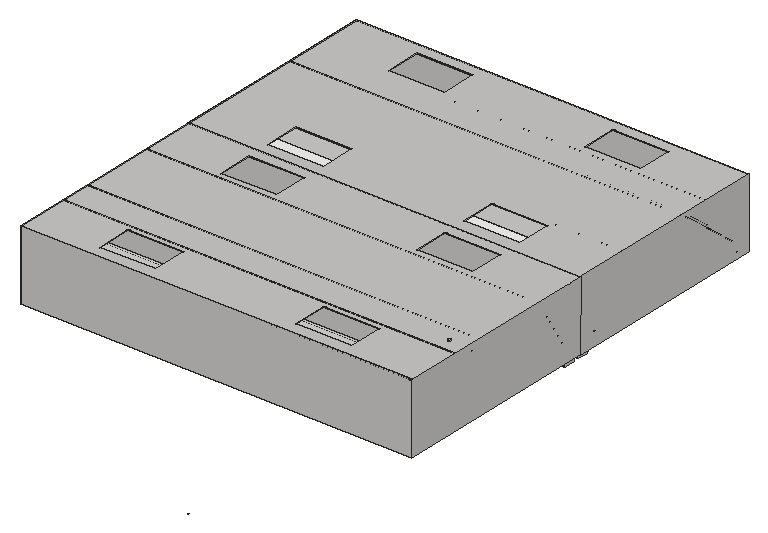
Revit family "QF_ELECTROLUXPROFESSIONAL_641395_STCF3028", category Attrezzature speciali, Revit 2021
Family settings
  Quota connettore circolare = Usa diametro
  Tipo di parte = Normale
  Basato su piano di lavoro = No
  Sempre verticale = Sì
  Taglio con vuoti quando caricato = No
  Condiviso = No
  Punto di calcolo locali = No
Parameters (values of type "Standard")
  Weight = 364.00 kg
  Watts = 480 W
  Volts = 220 V
  URL Manufacturer = "https://www.electroluxprofessional.com/"
  URL = "https://www.electroluxprofessional.com/"
  Steam Supply Size = 0 mm
  Steam Supply Minimum Pressure = 0.0 Pa
  Steam Supply Maximum Pressure = 0.0 Pa
  Steam Consumption per Hour = 0
  Refrigeration Suction Line Size = 0.0 mm
  Refrigeration Liquid Line Size = 0.0 mm
  Refrigerant Compressor Remote = yes
  Prospetto di default = 0.0 mm
  Produttore = "Electrolux Professional"
  Phase = 1
  Modello = "STCF3028"
  Length Actual = 2800.0 mm  # constant formula
  Item Number = "641395"
  Hot Water Size = 0 mm
  Height Actual = 500.0 mm  # constant formula
  HP = "0.6 HP"
  Gas Size = 0 mm
  Gas KW = 0
  Gas Input Pressure = 0 W
  Direct Waste Size = 0 mm
  Descrizione = "304 S/S ISLAND HOOD+FILT.+LAMPS 280X300"
  Depth Actual = 3000.0 mm  # constant formula
  Cycle = 50 Hz
  Condensate Return Size = 0 mm
  Compressed Air Volume = 0.0 L/s
  Compressed Air Size = 0 mm
  Compressed Air Pressure = 0.0 Pa
  Cold Water Size = 0 mm
  Accessory = yes
Reference planes
  plane 1 "Center (Front/Back)": y = 0
  plane 2: z = 0
  plane 3 "Center (Left/Right)": x = 0
  plane 4 "LEFT": x = -1400
  plane 5 "RIGHT": x = 1400
  plane 6 "BACK": y = 1500
  plane 7 "FRONT": y = -1500
  plane 8 "Base": z = 2000
  plane 9 "EIx": x = 1280
  plane 10 "Top": z = 2500
  plane 11 "BaseHood": z = 2000
  plane 12 "EI": y = -1020
Forms (mm)
  Extrusion 1, solid, material "QF_Finishes_Stainless Steel"
    sketch origin (0, -1020, 2500) x (0, 1, 0) y (-1, 0, 0)
      loop
        circle (0, -1280) r 10
    from 0 to 1.6
Dimensions and locks
  plane 4 "LEFT" to plane 5 "RIGHT" = 2800.0 mm
  equal spacing: plane 4 "LEFT", plane 3 "Center (Left/Right)", plane 5 "RIGHT"
  equal spacing: plane 6 "BACK", plane 1 "Center (Front/Back)", plane 7 "FRONT"
  plane 6 "BACK" to plane 7 "FRONT" = 3000.0 mm  (x2)
  plane 9 "EIx" to plane 5 "RIGHT" = 120.0 mm
  plane 11 "BaseHood" to level = 2000.0 mm
  plane 10 "Top" to plane 11 "BaseHood" = 500.0 mm
  plane 12 "EI" to plane 7 "FRONT" = 480.0 mm
  aligned and locked: level to plane 2
Automatic sketch dimensions
  plane 1 "Center (Front/Back)" to Extrusion 1 sketch curve = 1020.0 mm
  Extrusion 1 sketch curve to plane 9 "EIx" = 0.0 mm
  radius of Extrusion 1 sketch curve = 10.0 mm
Nested families
  nested 1: "QF_ELECTROLUXPROFESSIONAL_641261" at (-150, -550, 0), type "QF_ELECTROLUXPROFESSIONAL_641261"
  nested 2: "QF_ELECTROLUXPROFESSIONAL_641261" at (-150, 550, 0), type "QF_ELECTROLUXPROFESSIONAL_641261"
Connectors
  hvac at (-700, -1289, 2505)
    settings: on nested 1, index 1, duct flow 0.0 L/s, flow factor 0, pres drop 0.0 Pa, loss coef 0, conn angle 0.00°, conn width 250 mm, conn height 400 mm, conn diameter 609.6 mm, duct sys type 1, conn prof type 1, flow config 1, flow direction 1, loss method 0, conn ref index -1, conn util no, is conn primary yes, conn desc "AIR INLET"
  hvac at (-700, 1289, 2505)
    settings: on nested 2, index 4, duct flow 0.0 L/s, flow factor 0, pres drop 0.0 Pa, loss coef 0, conn angle 0.00°, conn width 400 mm, conn height 250 mm, conn diameter 609.6 mm, duct sys type 1, conn prof type 1, flow config 1, flow direction 1, loss method 0, conn ref index -1, conn util no, is conn primary no, conn desc "AIR INLET"
  hvac at (700, 1289, 2505)
    settings: on nested 2, index 5, duct flow 0.0 L/s, flow factor 0, pres drop 0.0 Pa, loss coef 0, conn angle 0.00°, conn width 400 mm, conn height 250 mm, conn diameter 609.6 mm, duct sys type 1, conn prof type 1, flow config 1, flow direction 1, loss method 0, conn ref index -1, conn util no, is conn primary no, conn desc "AIR INLET"
  hvac at (700, -1289, 2505)
    settings: on nested 1, index 8, duct flow 0.0 L/s, flow factor 0, pres drop 0.0 Pa, loss coef 0, conn angle 0.00°, conn width 250 mm, conn height 400 mm, conn diameter 609.6 mm, duct sys type 1, conn prof type 1, flow config 1, flow direction 1, loss method 0, conn ref index -1, conn util no, is conn primary no, conn desc "AIR INLET"
  piping at (1280, 60, 1970), diameter 9.5
    settings: on nested 2, index 9, connector inside diameter 609.6 mm, connector length 0.0 mm, flow factor 0, pipe flow 0.0 L/s, pressure drop 0.0 Pa, fitting loss kfactor 0, connector angle 0.00°, fixture units 0, engagement length 0.0 mm, angle of deflection 0.00°, flow configuration 1, flow direction 2, fitting loss method 0, system type 16, joint type 0, gender type 0, connector reference index -1, connector utility 0, adjustable connector no, is connector primary yes, connector description "Drain"
  piping at (1280, -60, 1970), diameter 9.5
    settings: on nested 1, index 10, connector inside diameter 609.6 mm, connector length 0.0 mm, flow factor 0, pipe flow 0.0 L/s, pressure drop 0.0 Pa, fitting loss kfactor 0, connector angle 0.00°, fixture units 0, engagement length 0.0 mm, angle of deflection 0.00°, flow configuration 1, flow direction 2, fitting loss method 0, system type 16, joint type 0, gender type 0, connector reference index -1, connector utility 0, adjustable connector no, is connector primary no, connector description "Drain"
  electrical at (1280, -1020, 2501.6), driven by "Volts"
    settings: on Extrusion 1, index 11, voltage 220 V, apparent load 0 VA, apparent load phase1 0 VA, apparent load phase2 0 VA, apparent load phase3 0 VA, power factor 1, load classification "Other", number of poles 1, system type 30, power factor state 1, is connector primary yes, connector utility no, sub classification motor no, connector description "Electrical Connection"
  hvac at (-700, 211, 2500)
    settings: on nested 2, index 12, duct flow 0.0 L/s, flow factor 0, pres drop 0.0 Pa, loss coef 0, conn angle 0.00°, conn width 250 mm, conn height 400 mm, conn diameter 609.6 mm, duct sys type 3, conn prof type 1, flow config 1, flow direction 2, loss method 0, conn ref index -1, conn util no, is conn primary no, conn desc "EXHAUST OUTLET"
  hvac at (-700, -211, 2500)
    settings: on nested 1, index 13, duct flow 0.0 L/s, flow factor 0, pres drop 0.0 Pa, loss coef 0, conn angle 0.00°, conn width 400 mm, conn height 250 mm, conn diameter 609.6 mm, duct sys type 3, conn prof type 1, flow config 1, flow direction 2, loss method 0, conn ref index -1, conn util no, is conn primary no, conn desc "EXHAUST OUTLET"
  hvac at (700, 211, 2499.19)
    settings: on nested 2, index 14, duct flow 0.0 L/s, flow factor 0, pres drop 0.0 Pa, loss coef 0, conn angle 0.00°, conn width 250 mm, conn height 400 mm, conn diameter 609.6 mm, duct sys type 3, conn prof type 1, flow config 1, flow direction 2, loss method 0, conn ref index -1, conn util no, is conn primary no, conn desc "EXHAUST OUTLET"
  hvac at (700, -211, 2500)
    settings: on nested 1, index 15, duct flow 0.0 L/s, flow factor 0, pres drop 0.0 Pa, loss coef 0, conn angle 0.00°, conn width 400 mm, conn height 250 mm, conn diameter 609.6 mm, duct sys type 3, conn prof type 1, flow config 1, flow direction 2, loss method 0, conn ref index -1, conn util no, is conn primary no, conn desc "EXHAUST OUTLET"
Definition of nested family "QF_ELECTROLUXPROFESSIONAL_641261"
  Parameters
    Default Elevation = 0.0 mm
  Reference planes
    plane 1: z = 0
    plane 2 "Center (Left/Right)": x = 150
    plane 3 "LEFT": x = -1250
    plane 4 "RIGHT": x = 1550
    plane 5 "BACK": y = 550
    plane 6 "TOP": z = 2500
    plane 7 "Base": z = 2000
    plane 8: z = 1955
    plane 9 "DrainY": y = 490
    plane 10: x = -1247
    plane 11 "DrainX": x = 1430
    plane 12 "AOLeft2": x = -350
    plane 13 "AORight1": x = 650
    plane 14: x = 1547
    plane 15: x = -1050
    plane 16: x = 1350
    plane 17 "Center (Front/Back)": y = -200
    plane 18 "Front": y = -950
    plane 19 "AOLeft1": x = -750
    plane 20 "AORight2": x = 1050
    plane 21: y = -864
    plane 22: y = -614
    plane 23 "EI_y": y = -470
    plane 24 "EIx": x = 1430
    plane 25: y = 464
    plane 26: y = 214
  Forms (mm)
    Extrusion 1, solid
      sketch origin (-1250, 0, 360) x (0, 1, 0) y (0, 0, 1)
        loop
          line (550, 1640) -> (550, 2140) -> (-950, 2140) -> (-950, 1640) -> (550, 1640)
      from 0 to 3
    Extrusion 2, solid
      sketch origin (1550, 0, 360) x (0, 1, 0) y (0, 0, 1)
        loop
          line (550, 1640) -> (550, 2140) -> (-950, 2140) -> (-950, 1640) -> (550, 1640)
      from 0 to -3
    Extrusion 3, solid
      sketch origin (150, 0, 360) x (0, 1, 0) y (0, 0, 1)
        loop
          line (-950, 2140) -> (-950, 1640) -> (-940, 1640) -> (-940, 1640.8) -> (-949.2, 1640.8) -> (-949.2, 2139.19) -> (549.2, 2139.19) -> (549.2, 1640.8) -> (540, 1640.8) -> (540, 1640) -> (550, 1640) -> (550, 2140) -> (-950, 2140)
      from -1400 to 1400
    Extrusion 4, solid
      sketch origin (0, 0, 2000) x (0, 1, 0) y (-1, 0, 0)
        loop
          circle (490, -1430) r 4.763
      from -30 to 0
    Extrusion 5, void
      sketch origin (0, 0, 2500) x (0, 1, 0) y (-1, 0, 0)
        loop
          line (-614, 350) -> (-614, 750) -> (-864, 750) -> (-864, 350) -> (-614, 350)
      from 0 to -10
    Extrusion 6, solid
      sketch origin (0, 0, 0) x (1, 0, 0) y (0, 1, 0)
        loop
          line (-1250, 550) -> (-1250, 549) -> (-1249, 549) -> (-1249, 550) -> (-1250, 550)
      from 0 to 1
    Extrusion 7, solid
      sketch origin (150, 0, 360) x (0, 1, 0) y (0, 0, 1)
        loop
          line (-572.823, 1962.324) -> (-418.948, 2086.929) -> (-427.129, 2097.032) -> (-581.003, 1972.426) -> (-572.823, 1962.324)
      from 1397 to -1397
    Sweep 8, solid
      path origin (0, 0, 0) x (1, 0, 0) y (0, 1, 0)
        loop
          line (1550, 550) -> (-1250, 550) -> (-1250, -950) -> (1550, -950) -> (1550, 550)
      profile origin (1550, -200, 0) x (1, 0, 0) y (0, 0, 1)
        loop
          line (-3, 2000) -> (-3, 2000.8) -> (-19, 2000.8) -> (-19, 2010) -> (-20, 2010) -> (-20, 2000) -> (-3, 2000)
    Extrusion 9, solid
      sketch origin (150, 0, 0) x (0, 1, 0) y (0, 0, 1)
        loop
          line (414.66, 2095.469) -> (440.643, 2110.471) -> (261.744, 2411.771) -> (235.948, 2396.455) -> (414.66, 2095.469)
      from -1397 to -1200
    Extrusion 10, void
      sketch origin (1134.605, 0, 2500) x (0, 1, 0) y (-1, 0, 0)
        loop
          line (-614, 84.605) -> (-614, 484.605) -> (-864, 484.605) -> (-864, 84.605) -> (-614, 84.605)
      from 0 to -10
    Extrusion 11, solid
      sketch origin (1430, 0, 0) x (0, 1, 0) y (0, 0, 1)
        loop
          line (539, 2000) -> (441, 2000) -> (441, 1989) -> (448.5, 1989) -> (448.5, 1965)
          arc (448.5, 1965) -> (451.429, 1957.929) -> (458.5, 1955) r 10
          line (458.5, 1955) -> (521.5, 1955)
          arc (521.5, 1955) -> (528.571, 1957.929) -> (531.5, 1965) r 10
          line (531.5, 1965) -> (531.5, 1989) -> (539, 1989) -> (539, 2000)
      from 90 to -90
    Extrusion 12, solid
      sketch origin (150, 0, 0) x (0, 1, 0) y (0, 0, 1)
        loop
          line (414.66, 2095.469) -> (440.643, 2110.471) -> (261.744, 2411.771) -> (235.948, 2396.455) -> (414.66, 2095.469)
      from 1200 to 1397
    Extrusion 13, solid
      sketch origin (150, 0, 0) x (0, 1, 0) y (0, 0, 1)
        loop
          line (414.66, 2095.469) -> (440.643, 2110.471) -> (261.744, 2411.771) -> (235.948, 2396.455) -> (414.66, 2095.469)
      from -1200 to 1200
    Extrusion 14, void
      sketch origin (0, 1180, 2500) x (0, 1, 0) y (-1, 0, 0)
        loop
          line (-716, 350) -> (-716, 750) -> (-966, 750) -> (-966, 350) -> (-716, 350)
      from 0 to -10
    Extrusion 15, void
      sketch origin (1600, 1180, 2500) x (0, 1, 0) y (-1, 0, 0)
        loop
          line (-716, 550) -> (-716, 950) -> (-966, 950) -> (-966, 550) -> (-716, 550)
      from 0 to -10
    Extrusion 16, solid
      sketch origin (150, 0, 360) x (0, 1, 0) y (0, 0, 1)
        loop
          line (430.005, 1640) -> (540, 1640) -> (540, 1640.8) -> (430.467, 1640.8) -> (371.906, 1742.23) -> (414.858, 1734.657) -> (442.266, 1750.481) -> (442.266, 1765.943) -> (441.466, 1765.943) -> (441.466, 1750.943) -> (414.709, 1735.495) -> (321.153, 1751.991) -> (320.875, 1750.416) -> (371.4, 1741.507) -> (430.005, 1640)
        loop
          line (172.529, 2139.19) -> (242.893, 2017.316) -> (245.133, 2018.715) -> (240.13, 2027.381) -> (238.569, 2026.405) -> (173.453, 2139.19) -> (172.529, 2139.19)
      from -1397 to 1397
    Extrusion 17, solid
      sketch origin (150, 200.8, 360) x (0, 1, 0) y (0, 0, 1)
        loop
          line (-1150, 2139.19) -> (-1150, 1640) -> (-1086.602, 1640) -> (-999.146, 1690.493) -> (-1010.058, 1709.394) -> (-1066.564, 1676.77) -> (-1114.704, 1680.982) -> (-1149.2, 1730.248) -> (-1149.2, 2139.19) -> (-1150, 2139.19)
        loop
          line (-773.6, 1961.694) -> (-781.937, 1971.99) -> (-769.095, 1982.182) -> (-769.095, 2139.19) -> (-769.895, 2139.19) -> (-769.895, 1982.569) -> (-1082.298, 1734.63) -> (-1071.091, 1720.79) -> (-773.6, 1961.694)
        loop
          line (-627.61, 2099.216) -> (-618.171, 2087.559) -> (-554.411, 2139.19) -> (-555.682, 2139.19) -> (-618.052, 2088.684) -> (-626.989, 2099.719) -> (-627.61, 2099.216)
      from -1397 to 1397
  Cuts and joins
    Extrusion 5, Extrusion 10, Extrusion 14, Extrusion 15 cuts Extrusion 3
    joined: Extrusion 2, Extrusion 3, Sweep 8
  Lines and regions (mm)
    symbolic lines, detail levels coarse
      curve 1: line (1550, 550, 2500) -> (-1250, 550, 2500)
      curve 2: line (-1250, 550, 2500) -> (-1250, -950, 2500)
      curve 3: line (1550, -950, 2500) -> (1550, 550, 2500)
      curve 4: line (-1250, 550, 0) -> (1550, -950, 0)
      curve 5: line (1550, 550, 0) -> (-1250, -950, 0)
      curve 6: line (-1250, -950, 0) -> (1550, -950, 0)
      curve 7: line (-750, 214, 2500) -> (-350, 214, 2500)
      curve 8: line (-750, 464, 2500) -> (-750, 214, 2500)
      curve 9: line (-350, 464, 2500) -> (-750, 464, 2500)
      curve 10: line (-350, 214, 2500) -> (-350, 464, 2500)
      curve 11: line (650, 464, 2500) -> (650, 214, 2500)
      curve 12: line (1050, 464, 2500) -> (650, 464, 2500)
      curve 13: line (650, 214, 2500) -> (1050, 214, 2500)
      curve 14: line (1050, 214, 2500) -> (1050, 464, 2500)
    symbolic lines
      curve 15: line (-750, -614, 0) -> (-350, -614, 0)
      curve 16: line (-750, -864, 0) -> (-750, -614, 0)
      curve 17: line (-350, -864, 0) -> (-750, -864, 0)
      curve 18: line (-350, -614, 0) -> (-350, -864, 0)
      curve 19: line (650, -614, 0) -> (1050, -614, 0)
      curve 20: line (650, -864, 0) -> (650, -614, 0)
      curve 21: line (1050, -864, 0) -> (650, -864, 0)
      curve 22: line (1050, -614, 0) -> (1050, -864, 0)
  Dimensions and locks
    plane 3 "LEFT" to plane 4 "RIGHT" = 2800.0 mm
    equal spacing: plane 3 "LEFT", plane 2 "Center (Left/Right)", plane 4 "RIGHT"
    plane 7 "Base" to plane 8 = 45.0 mm
    plane 5 "BACK" to plane 9 "DrainY" = 60.0 mm  (x2)
    plane 3 "LEFT" to plane 10 = 3.0 mm
    plane 11 "DrainX" to plane 4 "RIGHT" = 120.0 mm
    plane 14 to plane 4 "RIGHT" = 3.0 mm
    plane 3 "LEFT" to plane 15 = 200.0 mm
    plane 16 to plane 4 "RIGHT" = 200.0 mm
    locked: plane 12 "AOLeft2" to plane 13 "AORight1" at 1000
    equal spacing: plane 12 "AOLeft2", plane 2 "Center (Left/Right)", plane 13 "AORight1"
    locked: plane 7 "Base" to level at 2000
    locked: plane 6 "TOP" to plane 7 "Base" at 500
    locked: plane 19 "AOLeft1" to plane 12 "AOLeft2" at 400
    locked: plane 13 "AORight1" to plane 20 "AORight2" at 400
    locked: plane 22 to plane 21 at 250
    locked: plane 21 to plane 18 "Front" at 86
    locked: plane 23 "EI_y" to plane 18 "Front" at 480
    locked: plane 24 "EIx" to plane 4 "RIGHT" at 120
    locked: plane 5 "BACK" to plane 18 "Front" at 1500
    plane 5 "BACK" to plane 18 "Front" = 1500.0 mm
    equal spacing: plane 5 "BACK", plane 17 "Center (Front/Back)", plane 18 "Front"
    locked: plane 26 to plane 25 at 250
    plane 5 "BACK" to plane 25 = 86.0 mm
    aligned and locked: level to plane 1
    aligned and locked: plane 4 "RIGHT" to Extrusion 3
    aligned and locked: Extrusion 3 to plane 3 "LEFT"
    aligned and locked: Extrusion 2 to plane 14
    aligned and locked: Extrusion 9 to plane 10
    aligned and locked: Extrusion 5 to plane 19 "AOLeft1"
    aligned and locked: Extrusion 5 to plane 12 "AOLeft2"
    aligned and locked: plane 20 "AORight2" to Extrusion 10
    aligned and locked: plane 13 "AORight1" to Extrusion 10
    aligned and locked: plane 15 to Extrusion 9
    aligned and locked: plane 16 to Extrusion 12
    aligned and locked: plane 14 to Extrusion 12
    aligned and locked: Extrusion 13 to plane 15
    aligned and locked: Extrusion 13 to plane 16
    aligned and locked: plane 14 to Extrusion 7
    aligned and locked: Extrusion 7 to plane 10
    aligned and locked: plane 13 "AORight1" to Extrusion 15
    aligned and locked: plane 20 "AORight2" to Extrusion 15
    aligned and locked: Extrusion 14 to plane 19 "AOLeft1"
    aligned and locked: Extrusion 14 to plane 12 "AOLeft2"
    aligned and locked: Extrusion 16 to plane 10
    aligned and locked: plane 14 to Extrusion 16
    aligned and locked: Extrusion 5 to plane 21
    aligned and locked: plane 22 to Extrusion 5
    aligned and locked: Extrusion 10 to plane 21
    aligned and locked: Extrusion 17 to plane 10
    aligned and locked: plane 14 to Extrusion 17
    aligned and locked: plane 26 to cut or joined group of Extrusion 2, Extrusion 3, Extrusion 5, Sweep 8, Extrusion 10, Extrusion 14, Extrusion 15  (x2)
    aligned and locked: plane 26 to curve 7
    aligned and locked: cut or joined group of Extrusion 2, Extrusion 3, Extrusion 5, Sweep 8, Extrusion 10, Extrusion 14, Extrusion 15 to plane 25  (x2)
    aligned and locked: curve 9 to plane 25
    aligned and locked: curve 12 to plane 25
    aligned and locked: plane 26 to curve 13
  Automatic sketch dimensions
    Extrusion 4 sketch curve to plane 9 "DrainY" = 0.0 mm
    Extrusion 4 sketch curve to plane 11 "DrainX" = 0.0 mm
    Extrusion 9 sketch curve to plane 9 "DrainY" = 75.34 mm
    Extrusion 9 sketch curve to Extrusion 9 sketch curve = 25.983 mm
    plane 7 "Base" to Extrusion 9 sketch curve = 95.469 mm
    Extrusion 9 sketch curve to Extrusion 9 sketch curve = 15.001 mm
    Extrusion 9 sketch curve to plane 6 "TOP" = 103.545 mm
    Extrusion 9 sketch curve to Extrusion 9 sketch curve = 15.316 mm
    Extrusion 12 sketch curve to plane 9 "DrainY" = 75.34 mm
    Extrusion 12 sketch curve to Extrusion 12 sketch curve = 25.983 mm
    plane 7 "Base" to Extrusion 12 sketch curve = 95.469 mm
    Extrusion 12 sketch curve to Extrusion 12 sketch curve = 15.001 mm
    Extrusion 12 sketch curve to plane 6 "TOP" = 103.545 mm
    Extrusion 12 sketch curve to Extrusion 12 sketch curve = 15.316 mm
    Extrusion 13 sketch curve to plane 9 "DrainY" = 75.34 mm
    Extrusion 13 sketch curve to Extrusion 13 sketch curve = 25.983 mm
    plane 7 "Base" to Extrusion 13 sketch curve = 95.469 mm
    Extrusion 13 sketch curve to Extrusion 13 sketch curve = 15.001 mm
    Extrusion 13 sketch curve to plane 6 "TOP" = 103.545 mm
    Extrusion 13 sketch curve to Extrusion 13 sketch curve = 15.316 mm
    Extrusion 16 sketch curve to plane 7 "Base" = 0.0 mm
    Extrusion 16 sketch curve to plane 6 "TOP" = 0.81 mm
    Extrusion 16 sketch curve to Extrusion 16 sketch curve = 0.924 mm
    Extrusion 16 sketch curve to Extrusion 16 sketch curve = 2.24 mm
    Extrusion 16 sketch curve to Extrusion 16 sketch curve = 0.278 mm
    Extrusion 16 sketch curve to Extrusion 16 sketch curve = 50.525 mm
    Extrusion 16 sketch curve to Extrusion 16 sketch curve = 0.506 mm
    Extrusion 16 sketch curve to Extrusion 16 sketch curve = 42.803 mm
    Extrusion 16 sketch curve to Extrusion 16 sketch curve = 0.148 mm
    Extrusion 16 sketch curve to plane 9 "DrainY" = 59.995 mm
    plane 7 "Base" to Extrusion 16 sketch curve = 0.8 mm
    Extrusion 16 sketch curve to Extrusion 16 sketch curve = 0.462 mm  (x2)
    Extrusion 16 sketch curve to Extrusion 16 sketch curve = 109.533 mm
    Extrusion 16 sketch curve to Extrusion 16 sketch curve = 26.757 mm
    Extrusion 16 sketch curve to Extrusion 16 sketch curve = 0.8 mm
    plane 7 "Base" to Extrusion 16 sketch curve = 94.657 mm
    Extrusion 16 sketch curve to Extrusion 16 sketch curve = 0.838 mm
    Extrusion 16 sketch curve to Extrusion 16 sketch curve = 6.012 mm
    Extrusion 16 sketch curve to Extrusion 16 sketch curve = 0.723 mm
    Extrusion 16 sketch curve to Extrusion 16 sketch curve = 14.986 mm
    Extrusion 16 sketch curve to Extrusion 16 sketch curve = 15.0 mm
    Extrusion 16 sketch curve to plane 6 "TOP" = 122.684 mm
    Extrusion 16 sketch curve to Extrusion 16 sketch curve = 1.399 mm
    Extrusion 16 sketch curve to Extrusion 16 sketch curve = 9.089 mm
    Extrusion 16 sketch curve to Extrusion 16 sketch curve = 0.975 mm
    Extrusion 9 sketch curve to plane 9 "DrainY" = 228.256 mm
    Extrusion 9 sketch curve to Extrusion 9 sketch curve = 25.795 mm
    Extrusion 12 sketch curve to plane 9 "DrainY" = 228.256 mm
    Extrusion 12 sketch curve to Extrusion 12 sketch curve = 25.795 mm
    Extrusion 13 sketch curve to plane 9 "DrainY" = 228.256 mm
    Extrusion 13 sketch curve to Extrusion 13 sketch curve = 25.795 mm
    Extrusion 16 sketch curve to plane 9 "DrainY" = 75.142 mm
    Extrusion 16 sketch curve to plane 9 "DrainY" = 244.867 mm
    Extrusion 16 sketch curve to Extrusion 16 sketch curve = 5.003 mm
    Extrusion 16 sketch curve to Extrusion 16 sketch curve = 1.561 mm
    Extrusion 16 sketch curve to Extrusion 16 sketch curve = 66.677 mm
    curve 6 to plane 3 "LEFT" = 0.0 mm
    curve 4 to plane 3 "LEFT" = 0.0 mm
    curve 16 to plane 19 "AOLeft1" = 0.0 mm
    curve 18 to plane 12 "AOLeft2" = 0.0 mm
    curve 20 to plane 13 "AORight1" = 0.0 mm
    curve 22 to plane 20 "AORight2" = 0.0 mm
    curve 6 to plane 4 "RIGHT" = 0.0 mm
    curve 5 to plane 4 "RIGHT" = 0.0 mm
    curve 4 to plane 18 "Front" = 0.0 mm
    curve 21 to plane 21 = 0.0 mm
    curve 17 to plane 21 = 0.0 mm
    curve 18 to plane 22 = 0.0 mm
    curve 19 to plane 22 = 0.0 mm
    curve 4 to plane 5 "BACK" = 0.0 mm
    curve 5 to plane 5 "BACK" = 0.0 mm
    curve 2 to plane 3 "LEFT" = 0.0 mm
    curve 2 to plane 18 "Front" = 0.0 mm
    curve 3 to plane 4 "RIGHT" = 0.0 mm
    curve 3 to plane 18 "Front" = 0.0 mm
    curve 13 to plane 20 "AORight2" = 0.0 mm
    curve 11 to plane 13 "AORight1" = 0.0 mm
    curve 7 to plane 19 "AOLeft1" = 0.0 mm
    curve 7 to plane 12 "AOLeft2" = 0.0 mm
    curve 2 to plane 5 "BACK" = 0.0 mm
    Extrusion 1 sketch curve to plane 7 "Base" = 0.0 mm
    Extrusion 1 sketch curve to plane 18 "Front" = 0.0 mm
    Extrusion 1 sketch curve to plane 5 "BACK" = 0.0 mm
    Extrusion 1 sketch curve to plane 6 "TOP" = 0.0 mm
    Extrusion 2 sketch curve to plane 7 "Base" = 0.0 mm
    Extrusion 2 sketch curve to plane 18 "Front" = 0.0 mm
    Extrusion 2 sketch curve to plane 5 "BACK" = 0.0 mm
    Extrusion 2 sketch curve to plane 6 "TOP" = 0.0 mm
    Extrusion 3 sketch curve to plane 6 "TOP" = 0.0 mm
    Extrusion 3 sketch curve to plane 18 "Front" = 0.0 mm
    Extrusion 3 sketch curve to plane 7 "Base" = 0.0 mm  (x2)
    Extrusion 3 sketch curve to plane 5 "BACK" = 0.0 mm
    plane 18 "Front" to Extrusion 3 sketch curve = 0.8 mm
    Extrusion 3 sketch curve to Extrusion 3 sketch curve = 9.2 mm
    plane 7 "Base" to Extrusion 3 sketch curve = 0.8 mm  (x2)
    Extrusion 3 sketch curve to plane 5 "BACK" = 10.0 mm
    Extrusion 3 sketch curve to plane 5 "BACK" = 0.8 mm
    Extrusion 3 sketch curve to plane 6 "TOP" = 0.81 mm
    Extrusion 5 sketch curve to plane 12 "AOLeft2" = 0.0 mm
    Extrusion 5 sketch curve to plane 21 = 0.0 mm
    Extrusion 5 sketch curve to plane 22 = 0.0 mm
    Extrusion 5 sketch curve to plane 19 "AOLeft1" = 0.0 mm
    Extrusion 6 sketch curve to plane 3 "LEFT" = 0.0 mm
    Extrusion 6 sketch curve to plane 5 "BACK" = 0.0 mm
    plane 3 "LEFT" to Extrusion 6 sketch curve = 1.0 mm
    Extrusion 6 sketch curve to Extrusion 6 sketch curve = 1.0 mm
    plane 22 to Extrusion 7 sketch curve = 32.997 mm
    Extrusion 7 sketch curve to Extrusion 7 sketch curve = 8.181 mm  (x2)
    plane 23 "EI_y" to Extrusion 7 sketch curve = 42.871 mm
    Extrusion 7 sketch curve to plane 6 "TOP" = 177.676 mm
    Extrusion 7 sketch curve to Extrusion 7 sketch curve = 10.102 mm
    Extrusion 7 sketch curve to plane 6 "TOP" = 53.071 mm
    Extrusion 7 sketch curve to Extrusion 7 sketch curve = 10.103 mm
    Sweep 8 sketch curve to plane 3 "LEFT" = 0.0 mm
    Sweep 8 sketch curve to plane 4 "RIGHT" = 0.0 mm
    Sweep 8 sketch curve to plane 18 "Front" = 0.0 mm
    Sweep 8 sketch curve to plane 5 "BACK" = 0.0 mm
    profile plane to Sweep 8 sketch curve = 20.0 mm
    Sweep 8 sketch curve to Sweep 8 sketch curve = 1.0 mm
    profile plane to Sweep 8 sketch curve = 3.0 mm
    level to Sweep 8 sketch curve = 2000.0 mm
    Sweep 8 sketch curve to Sweep 8 sketch curve = 0.8 mm
    Sweep 8 sketch curve to Sweep 8 sketch curve = 9.2 mm
    Extrusion 10 sketch curve to plane 20 "AORight2" = 0.0 mm
    Extrusion 10 sketch curve to plane 21 = 0.0 mm
    Extrusion 10 sketch curve to plane 22 = 0.0 mm
    Extrusion 10 sketch curve to plane 13 "AORight1" = 0.0 mm
    Extrusion 11 sketch curve to plane 7 "Base" = 0.0 mm
    Extrusion 11 sketch curve to plane 8 = 0.0 mm
    Extrusion 11 sketch curve to plane 7 "Base" = 11.0 mm  (x2)
    plane 25 to Extrusion 11 sketch curve = 23.0 mm
    Extrusion 11 sketch curve to Extrusion 11 sketch curve = 7.5 mm  (x2)
    plane 25 to Extrusion 11 sketch curve = 5.5 mm
    Extrusion 11 sketch curve to plane 5 "BACK" = 28.5 mm
    Extrusion 11 sketch curve to plane 5 "BACK" = 18.5 mm
    Extrusion 14 sketch curve to plane 12 "AOLeft2" = 0.0 mm
    Extrusion 14 sketch curve to plane 19 "AOLeft1" = 0.0 mm
    Extrusion 14 sketch curve to plane 9 "DrainY" = 26.0 mm
    Extrusion 14 sketch curve to plane 26 = 0.0 mm
    Extrusion 15 sketch curve to plane 20 "AORight2" = 0.0 mm
    Extrusion 15 sketch curve to plane 13 "AORight1" = 0.0 mm
    Extrusion 15 sketch curve to plane 9 "DrainY" = 26.0 mm
    Extrusion 15 sketch curve to plane 26 = 0.0 mm
    Extrusion 17 sketch curve to plane 7 "Base" = 0.0 mm
    plane 18 "Front" to Extrusion 17 sketch curve = 0.8 mm
    Extrusion 17 sketch curve to Extrusion 17 sketch curve = 0.8 mm  (x2)
    plane 18 "Front" to Extrusion 17 sketch curve = 36.096 mm
    Extrusion 17 sketch curve to plane 21 = 21.802 mm
    Extrusion 17 sketch curve to plane 21 = 17.498 mm
    Extrusion 17 sketch curve to plane 21 = 6.291 mm
    Extrusion 17 sketch curve to plane 21 = 1.764 mm
    plane 21 to Extrusion 17 sketch curve = 54.742 mm
    Extrusion 17 sketch curve to Extrusion 17 sketch curve = 10.912 mm
    plane 22 to Extrusion 17 sketch curve = 32.863 mm
    Extrusion 17 sketch curve to Extrusion 17 sketch curve = 8.337 mm
    Extrusion 17 sketch curve to Extrusion 17 sketch curve = 12.042 mm
    plane 23 "EI_y" to Extrusion 17 sketch curve = 43.19 mm
    Extrusion 17 sketch curve to Extrusion 17 sketch curve = 0.622 mm
    Extrusion 17 sketch curve to Extrusion 17 sketch curve = 9.44 mm
    Extrusion 17 sketch curve to Extrusion 17 sketch curve = 0.118 mm
    Extrusion 17 sketch curve to plane 6 "TOP" = 0.81 mm  (x3)
    Extrusion 17 sketch curve to Extrusion 17 sketch curve = 62.37 mm
    Extrusion 17 sketch curve to Extrusion 17 sketch curve = 1.271 mm
    plane 7 "Base" to Extrusion 17 sketch curve = 36.77 mm
    plane 7 "Base" to Extrusion 17 sketch curve = 40.982 mm
    plane 7 "Base" to Extrusion 17 sketch curve = 50.493 mm
    Extrusion 17 sketch curve to Extrusion 17 sketch curve = 18.901 mm
    Extrusion 17 sketch curve to Extrusion 17 sketch curve = 44.02 mm
    Extrusion 17 sketch curve to Extrusion 17 sketch curve = 49.266 mm
    Extrusion 17 sketch curve to Extrusion 17 sketch curve = 13.84 mm
    Extrusion 17 sketch curve to plane 6 "TOP" = 178.306 mm
    Extrusion 17 sketch curve to Extrusion 17 sketch curve = 10.296 mm
    Extrusion 17 sketch curve to Extrusion 17 sketch curve = 10.192 mm
    Extrusion 17 sketch curve to Extrusion 17 sketch curve = 0.386 mm
    Extrusion 17 sketch curve to plane 6 "TOP" = 52.441 mm
    Extrusion 17 sketch curve to Extrusion 17 sketch curve = 1.125 mm
    radius of Extrusion 4 sketch curve = 4.763 mm
